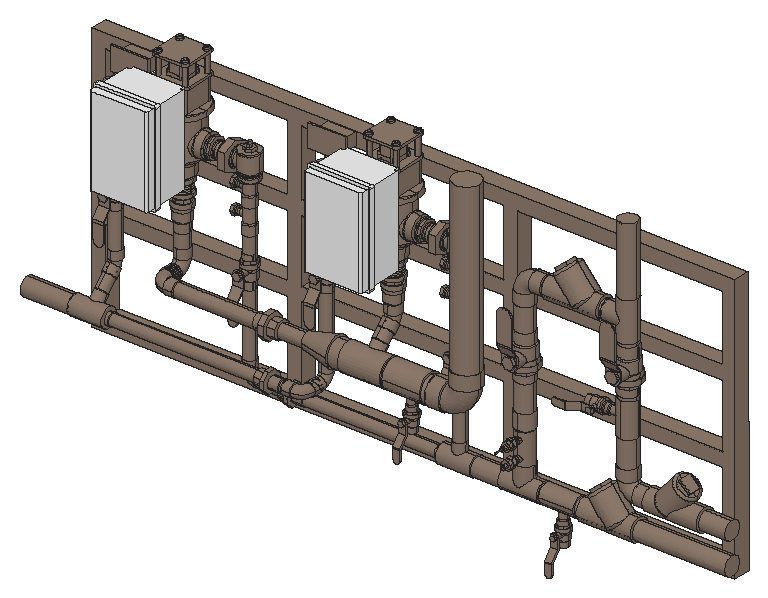
Revit family "Mixing_Valve-Leonard_Valve_Company-Megatron_NV_150_LF_2PS", category Pipe Accessories, Revit 2015
Parameters (values of type "Megatron NV-150-LF-2PS")
  Youtube clip = ""
  Weight Net (Kg) = "0"
  Uniformat II Description = ""
  Uniformat II Code = ""
  Uniclass 2015 Name = ""
  Uniclass 2015 Code = ""
  Uniclass 2.0 Description = ""
  Uniclass 2.0 Code = ""
  Uniclass 1.4 Description = ""
  Uniclass 1.4 Code = ""
  URL = "http://www.leonardvalve.com/"
  UNSPSC Code = "401416"
  Technical description = ""
  Valve Box Material = Steel-Leonard_Valve_Company-Baked_White
  Return Outlet Flow [instance] = 0.0 L/s
  Return Inlet Flow [instance] = 0.0 L/s
  Region South America = "None"
  Region Oceania = "None"
  Region North America = "US"
  Region Middle East = "None"
  Region Europe = "None"
  Region Asia = "None"
  Region Antarctica = "None"
  Region Africa = "None"
  QR code = "http://bimobject.com/leonardvalvecompany/product/megatron-nv-150-lf-2ps"
  Product url = "http://www.leonardvalvecompany.com/nucleus.html"
  Product group = "Digitally Controlled Mixing Valves"
  Product family = "Mixing Valves for Liquid Services"
  Product data url = "https://bimobject.com/leonardvalvecompany/product/megatron-nv-150-lf-2ps"
  Product certification = ""
  Product SKU = "megatron-nv-150-lf-2ps"
  Product Guid = "552e7d13-49fb-49d0-8ea5-9b76f52d7ea8"
  Pipe Radious 1.5 = 1.5625"
  Pipe Radious 1.0 = 1.0625"
  Pipe Radious .75 = 0.8125"
  Pipe Radious .625 = 0.6875"
  Pipe Radious .5 = 0.5625"
  OmniClass Description = "Mixing Valves"
  OmniClass Code = "23-27 31 29"
  Nominal width = 0.0000"
  Nominal height = 0.0000"
  NBS Reference Description = ""
  NBS Reference Code = ""
  Model = "Megatron NV-150-LF-2PS"
  Mixed Outlet Flow [instance] = 0.0 L/s
  Material secondary = ""
  Material main = ""
  Masterformat 2014 Description = ""
  Masterformat 2014 Code = ""
  Manufacturer name = "Leonard Valve Company"
  Manufacturer country = "United States"
  Manufacturer = "Leonard Valve Company"
  Installation instructions = ""
  IFC Classification = "Valve"
  Hot Water Inlet Flow [instance] = 0.0 L/s
  Edition number = 1
  EAN code = ""
  Design country = "United States"
  Description = "The Nucleus Digitally Controlled Mixing Valve from Leonard Valve Company serves as the central monitor & control of a Domestic Hot Water System. The Nucleus Digitally Controlled Mixing Valve capabilities include:\r\n\r\n+/- 2°F Mixed Water Temperature in accordance with ASSE 1017-2009.\r\n+/- 2°F Mixed Water Temperature during periods of low or no system demand\r\n0.5 GPM Minimum Flow with Continuously Operating Recirculation Pump\r\nAutomatic Shutoff of Valve upon Cold or Hot Supply Failure\r\nSystem Setup & Commissioning from Nucleus Control Module–no PC or Laptop Required\r\nLCD Display & Sensor Indicators – Set Point Temperature & Actual Temperature\r\nBMS Interface – Native Support for Six Different Protocols including BACnet & Modbus\r\nEthernet Connection for PC or LAN for Valve Programming or Interrogation\r\nWeb Server to remotely monitor & control Nucleus Mixing Valve\r\nData Logger – stores up to 30 days of temperatures, pressure & flows\r\nNucleus is UL Listed & Approved to E484833. Eco-Mix Certified Lead Free Construction\r\nThe Nucleus Digitally Controlled Mixing Valve from Leonard Valve Company serves as the central monitor & control of a Domestic Hot Water System. The Nucleus Digitally Controlled Mixing Valve capabilities include:\r\n\r\n+/- 2°F Mixed Water Temperature in accordance with ASSE 1017-2009.\r\n+/- 2°F Mixed Water Temperature during periods of low or no system demand\r\n0.5 GPM Minimum Flow with Continuously Operating Recirculation Pump\r\nAutomatic Shutoff of Valve upon Cold or Hot Supply Failure\r\nSystem Setup & Commissioning from Nucleus Control Module–no PC or Laptop Required\r\nLCD Display & Sensor Indicators – Set Point Temperature & Actual Temperature\r\nBMS Interface – Native Support for Six Different Protocols including BACnet & Modbus\r\nEthernet Connection for PC or LAN for Valve Programming or Interrogation\r\nWeb Server to remotely monitor & control Nucleus Mixing Valve\r\nData Logger – stores up to 30 days of temperatures, pressure & flows\r\nNucleus is UL Listed & Approved to E484833. Eco-Mix Certified Lead Free Construction\r\nThe Nucleus Digitally Controlled Mixing Valve from Leonard Valve Company serves as the central monitor & control of a Domestic Hot Water System. The Nucleus Digitally Controlled Mixing Valve capabilities include:\r\n\r\n+/- 2°F Mixed Water Temperature in accordance with ASSE 1017-2009.\r\n+/- 2°F Mixed Water Temperature during periods of low or no system demand\r\n0.5 GPM Minimum Flow with Continuously Operating Recirculation Pump\r\nAutomatic Shutoff of Valve upon Cold or Hot Supply Failure\r\nSystem Setup & Commissioning from Nucleus Control Module–no PC or Laptop Required\r\nLCD Display & Sensor Indicators – Set Point Temperature & Actual Temperature\r\nBMS Interface – Native Support for Six Different Protocols including BACnet & Modbus\r\nEthernet Connection for PC or LAN for Valve Programming or Interrogation\r\nWeb Server to remotely monitor & control Nucleus Mixing Valve\r\nData Logger – stores up to 30 days of temperatures, pressure & flows\r\nNucleus is UL Listed & Approved to E484833. Eco-Mix Certified Lead Free Construction"
  Date of publishing = ""
  Chilled Water Inlet Flow [instance] = 0.0 L/s
  COBIe Type Category = ""
  Pipe Material = Bronze-Leonard_Valve_Company
  Brand url = "http://www.leonardvalve.com/"
  BIMobject category = "Valves"
Reference planes (in)
  plane 1 "Center (Front/Back)": y = 0
  plane 2: z = 0
  plane 3 "Center (Left/Right)": x = -0.0813
  plane 4: x = -8.10156
  plane 5: z = 6.37498
  plane 6: x = 7.95904
  plane 7: z = 12.34676
  plane 8: x = 17.16739
  plane 9: x = 25.1687
  plane 10: x = 33.14464
  plane 11: x = 36.7937
  plane 12: x = 40.91739
  plane 13: x = 53.29239
  plane 14: z = 7.22554
  plane 15: z = 3.38189
  plane 16: z = 25.75
  plane 17: y = -8.58022
  plane 18: y = -4.99993
Forms (in)
  Sweep 1, solid, material "Bronze-Leonard_Valve_Company" <- "Pipe Material", detail levels fine
    path origin (0, -5, 40.20016) x (1, 0, 0) y (0, 0, 1)
      loop
        line (-8.10156, -28.61773) -> (-8.10156, -19.78958)
    profile "Fitting-Profile_R0.625 : Fitting-Profile_R0.625" origin (-8.10156, -5, 15.9965) x (-1, 0, 0) y (0, -1, 0)
      loop
        circle (0, 0) r 0.6875
  Sweep 2, solid, material "Bronze-Leonard_Valve_Company" <- "Pipe Material", detail levels fine
    path origin (0, -5, 26.80356) x (1, 0, 0) y (0, 0, 1)
      loop
        line (7.95904, -7.94403) -> (7.95904, -21.36667)
    profile "Fitting-Profile_R0.625 : Fitting-Profile_R0.625" origin (7.95904, -5, 12.14821) x (1, 0, 0) y (0, -1, 0)
      loop
        circle (0, 0) r 0.6875
  Sweep 3, solid, material "Bronze-Leonard_Valve_Company" <- "Pipe Material", detail levels fine
    path origin (0, -5, 26.80356) x (1, 0, 0) y (0, 0, 1)
      loop
        line (10.01404, -23.42167) -> (30.65633, -23.42167)
    profile "Fitting-Profile_R0.625 : Fitting-Profile_R0.625" origin (20.33519, -5, 3.38189) x (0, 0, 1) y (0, -1, 0)
      loop
        circle (0, 0) r 0.6875
  Revolve 4, solid, material "Bronze-Leonard_Valve_Company" <- "Pipe Material", detail levels fine
    sketch origin (0, -5, 26.80356) x (1, 0, 0) y (0, 0, 1)
      loop
        line (30.65633, -22.69421) -> (30.65633, -23.42167) -> (31.13589, -23.42167) -> (31.13589, -22.69421) -> (30.65633, -22.69421)
      axis (30.65633, -23.43136) -> (31.13589, -23.43136)
    angle from 0 to 360
  Sweep 5, solid, material "Bronze-Leonard_Valve_Company" <- "Pipe Material", detail levels fine
    path origin (0, -5, 26.80356) x (1, 0, 0) y (0, 0, 1)
      loop
        line (35.17614, -23.42167) -> (65.73274, -23.42167)
    profile "Fitting-Profile_R1.0 : Fitting-Profile_R1.0" origin (50.45444, -5, 3.38189) x (0, 0, 1) y (0, -1, 0)
      loop
        circle (0, 0) r 1.0625
  Sweep 6, solid, material "Bronze-Leonard_Valve_Company" <- "Pipe Material", detail levels fine
    path origin (0, -5, 26.80356) x (1, 0, 0) y (0, 0, 1)
      loop
        line (17.16739, -6.39298) -> (17.16739, -18.37356)
    profile "Fitting-Profile_R0.625 : Fitting-Profile_R0.625" origin (17.16739, -5, 14.42029) x (1, 0, 0) y (0, -1, 0)
      loop
        circle (0, 0) r 0.6875
  Sweep 7, solid, material "Bronze-Leonard_Valve_Company" <- "Pipe Material", detail levels fine
    path origin (-13.72436, -8.58022, 74.04765) x (-1, 0, 0) y (0, 0, 1)
      loop
        line (-28.83675, -67.67267) -> (-8.13685, -67.67267)
    profile "Fitting-Profile_R0.625 : Fitting-Profile_R0.625" origin (4.76244, -8.58022, 6.37498) x (0, 0, 1) y (0, 1, 0)
      loop
        circle (0, 0) r 0.6875
  Revolve 8, solid, material "Bronze-Leonard_Valve_Company" <- "Pipe Material", detail levels fine
    sketch origin (-13.72436, -8.58022, 74.04765) x (-1, 0, 0) y (0, 0, 1)
      loop
        line (-7.6543, -66.93886) -> (-8.13685, -66.93886) -> (-8.13685, -67.67267) -> (-7.6543, -67.67267) -> (-7.6543, -66.93886)
      axis (-7.6543, -67.67267) -> (-8.13685, -67.67267)
    angle from 0 to 360
  Sweep 9, solid, material "Bronze-Leonard_Valve_Company" <- "Pipe Material", detail levels fine
    path origin (-13.72436, -8.58022, 100.85123) x (-1, 0, 0) y (0, 0, 1)
      loop
        line (-50.51806, -64.56738) -> (-50.51806, -84.77897)
    profile "Fitting-Profile_R1.5 : Fitting-Profile_R1.5" origin (36.7937, -8.58022, 26.17806) x (-1, 0, 0) y (0, 1, 0)
      loop
        circle (0, 0) r 1.5625
  Sweep 10, solid, material "Bronze-Leonard_Valve_Company" <- "Pipe Material", detail levels fine
    path origin (-13.72436, -8.58022, 74.04765) x (-1, 0, 0) y (0, 0, 1)
      loop
        line (-46.79256, -61.70089) -> (-35.0212, -61.70089)
    profile "Fitting-Profile_R1.5 : Fitting-Profile_R1.5" origin (27.18252, -8.58022, 12.34676) x (0, 0, 1) y (0, 1, 0)
      loop
        circle (0, 0) r 1.5625
  Sweep 11, solid, material "Bronze-Leonard_Valve_Company" <- "Pipe Material", detail levels fine
    path origin (0, -5, 26.80356) x (1, 0, 0) y (0, 0, 1)
      loop
        line (33.14464, -7.94403) -> (33.14464, -21.36667)
    profile "Fitting-Profile_R0.625 : Fitting-Profile_R0.625" origin (33.14464, -5, 12.14821) x (1, 0, 0) y (0, -1, 0)
      loop
        circle (0, 0) r 0.6875
  Sweep 12, solid, material "Bronze-Leonard_Valve_Company" <- "Pipe Material", detail levels fine
    path origin (-13.72436, -8.58022, 74.04765) x (-1, 0, 0) y (0, 0, 1)
      loop
        line (-15.95306, -61.70089) -> (-31.51223, -61.70089)
    profile "Fitting-Profile_R0.75 : Fitting-Profile_R0.75" origin (10.00828, -8.58022, 12.34676) x (0, 0, -1) y (0, 1, 0)
      loop
        circle (0, 0) r 0.8125
  SweptBlend 13, solid, material "Bronze-Leonard_Valve_Company" <- "Pipe Material", detail levels fine
    path origin (-13.72436, -8.58022, 74.04765) x (-1, 0, 0) y (0, 0, 1)
      loop
        line (-31.51223, -61.70089) -> (-35.0212, -61.70089)
    profile origin (17.78786, -8.58022, 12.34676) x (0, 0, -1) y (0, 1, 0)
      loop
        circle (0.00124, 0) r 0.95
    end profile origin (21.29684, -8.58022, 12.34676) x (0, 0, -1) y (0, 1, 0)
      loop
        circle (0.00124, 0) r 1.75
  Sweep 14, solid, material "Bronze-Leonard_Valve_Company" <- "Pipe Material", detail levels fine
    path origin (0, -5, 26.80356) x (1, 0, 0) y (0, 0, 1)
      loop
        line (43.60485, -1.05356) -> (50.87004, -1.05356)
    profile "Fitting-Profile_R1.0 : Fitting-Profile_R1.0" origin (47.23745, -5, 25.75) x (0, 0, 1) y (0, -1, 0)
      loop
        circle (0, 0) r 1.0625
  Sweep 15, solid, material "Bronze-Leonard_Valve_Company" <- "Pipe Material", detail levels fine
    path origin (0, -5, 26.80356) x (1, 0, 0) y (0, 0, 1)
      loop
        line (53.29239, -3.36156) -> (53.29239, -16.90373)
    profile "Fitting-Profile_R1.0 : Fitting-Profile_R1.0" origin (53.29239, -5, 16.67091) x (1, 0, 0) y (0, -1, 0)
      loop
        circle (0, 0) r 1.0625
  Sweep 16, solid, material "Bronze-Leonard_Valve_Company" <- "Pipe Material", detail levels fine
    path origin (0, -5, 26.80356) x (1, 0, 0) y (0, 0, 1)
      loop
        line (62.48569, -19.57802) -> (65.73274, -19.57802)
    profile "Fitting-Profile_R1.0 : Fitting-Profile_R1.0" origin (64.10922, -5, 7.22554) x (0, 0, 1) y (0, -1, 0)
      loop
        circle (0, 0) r 1.0625
  Sweep 17, solid, material "Bronze-Leonard_Valve_Company" <- "Pipe Material", detail levels fine
    path origin (0, -5, 26.80356) x (1, 0, 0) y (0, 0, 1)
      loop
        line (53.29239, 9.48029) -> (53.29239, 1.1815)
    profile "Fitting-Profile_R1.0 : Fitting-Profile_R1.0" origin (53.29239, -5, 32.13445) x (1, 0, 0) y (0, -1, 0)
      loop
        circle (0, 0) r 1.0625
  Sweep 18, solid, material "Bronze-Leonard_Valve_Company" <- "Pipe Material", detail levels fine
    path origin (-13.72436, -8.58022, 74.04765) x (-1, 0, 0) y (0, 0, 1)
      loop
        line (2.07654, -67.67267) -> (-3.5913, -67.67267)
    profile "Fitting-Profile_R1.0 : Fitting-Profile_R1.0" origin (-12.96698, -8.58022, 6.37498) x (0, 0, -1) y (0, 1, 0)
      loop
        circle (0, 0) r 1.0625
  Sweep 19, solid, material "Bronze-Leonard_Valve_Company" <- "Pipe Material", detail levels fine
    path origin (0, -5, 26.80356) x (1, 0, 0) y (0, 0, 1)
      loop
        line (40.91739, -3.73787) -> (40.91739, -15.28267)
    profile "Fitting-Profile_R1.0 : Fitting-Profile_R1.0" origin (40.91739, -5, 17.29329) x (1, 0, 0) y (0, -1, 0)
      loop
        circle (0, 0) r 1.0625
  Sweep 20, solid, material "Bronze-Leonard_Valve_Company" <- "Pipe Material", detail levels fine
    path origin (0, -5, 26.80356) x (1, 0, 0) y (0, 0, 1)
      loop
        line (-0.0813, -12.14682) -> (-0.0813, -7.94403)
    profile "Fitting-Profile_R0.75 : Fitting-Profile_R0.75" origin (-0.0813, -5, 16.75813) x (-1, 0, 0) y (0, -1, 0)
      loop
        circle (0, 0) r 0.8125
  Sweep 21, solid, material "Bronze-Leonard_Valve_Company" <- "Pipe Material", detail levels fine
    path origin (-8.10156, -5, 25.35058) x (0, -1, 0) y (0, 0, 1)
      loop
        line (0.93575, -16.24828) -> (2.16394, -17.47648)
    profile "Fitting-Profile_R0.625 : Fitting-Profile_R0.625" origin (-8.10156, -6.54984, 8.4882) x (0, -0.707107, 0.707107) y (-1, 0, 0)
      loop
        circle (0, 0) r 0.6875
  Sweep 22, solid, material "Bronze-Leonard_Valve_Company" <- "Pipe Material", detail levels fine
    path origin (25.1687, -51.5982, 49.0271) x (0, 0, 1) y (0, -1, 0)
      loop
        line (-34.05999, -45.45177) -> (-34.92147, -44.59029)
    profile "Fitting-Profile_R0.75 : Fitting-Profile_R0.75" origin (25.1687, -6.57717, 14.53637) x (0, 0.707107, -0.707107) y (1, 0, 0)
      loop
        circle (0, 0) r 0.8125
  Extrusion 23, solid, material "Bronze-Leonard_Valve_Company" <- "Pipe Material", detail levels fine
    sketch origin (-78.74016, 0, 74.04765) x (-1, 0, 0) y (0, 0, 1)
      loop
        line (-65.40755, -42.04767) -> (-142.40755, -42.04767) -> (-142.40755, -74.04767) -> (-65.40755, -74.04767) -> (-65.40755, -42.04767)
      loop
        line (-67.03255, -43.67295) -> (-88.90755, -43.67295) -> (-88.90755, -51.67295) -> (-67.03255, -51.67295) -> (-67.03255, -43.67295)
      loop
        line (-67.03528, -53.29767) -> (-88.90755, -53.29767) -> (-88.90755, -60.92267) -> (-67.03528, -60.92267) -> (-67.03528, -53.29767)
      loop
        line (-67.03255, -62.54767) -> (-88.90755, -62.54767) -> (-88.90755, -72.42267) -> (-67.03255, -72.42267) -> (-67.03255, -62.54767)
      loop
        line (-90.53255, -43.67295) -> (-114.78255, -43.67295) -> (-114.78255, -51.67295) -> (-90.53255, -51.67295) -> (-90.53255, -43.67295)
      loop
        line (-90.53255, -53.30069) -> (-114.78255, -53.30069) -> (-114.78255, -60.92267) -> (-90.53255, -60.92267) -> (-90.53255, -53.30069)
      loop
        line (-116.40755, -43.67295) -> (-140.90755, -43.67295) -> (-140.90755, -51.67295) -> (-116.40755, -51.67295) -> (-116.40755, -43.67295)
      loop
        line (-116.40755, -53.30069) -> (-140.90755, -53.30069) -> (-140.90755, -60.92267) -> (-116.40755, -60.92267) -> (-116.40755, -53.30069)
      loop
        line (-116.40755, -62.54767) -> (-140.90755, -62.54767) -> (-140.90755, -72.41994) -> (-116.40755, -72.41994) -> (-116.40755, -62.54767)
      loop
        line (-90.53255, -62.54767) -> (-114.78255, -62.54767) -> (-114.78255, -72.41994) -> (-90.53255, -72.41994) -> (-90.53255, -62.54767)
    from 0 to -2
  Revolve 24, solid, material "Bronze-Leonard_Valve_Company" <- "Pipe Material", detail levels fine
    sketch origin (0, -5, -0.00002) x (1, 0, 0) y (0, 0, 1)
      loop
        line (25.1687, 19.74633) -> (23.9946, 19.74633) -> (23.9946, 19.25934) -> (24.09466, 19.25934) -> (24.09466, 18.83906) -> (24.19473, 18.83906) -> (24.19473, 17.69831) -> (24.33482, 17.55822) -> (25.1687, 17.55822) -> (25.1687, 19.74633)
      axis (25.1687, 17.55822) -> (25.1687, 19.74633)
    angle from 0 to 360
  Sweep 25, solid, material "Bronze-Leonard_Valve_Company" <- "Pipe Material", detail levels fine
    path origin (0, -5, -0.00002) x (1, 0, 0) y (0, 0, 1)
      loop
        line (25.1687, 20.1425) -> (25.1687, 19.74633)
    profile origin (25.1687, -5, 19.94439) x (0, -1, 0) y (1, 0, 0)
      loop
        line (0, -1.00331) -> (0.70945, -0.70945) -> (1.00331, 0) -> (0.70945, 0.70945) -> (0, 1.00331) -> (-0.70945, 0.70945) -> (-1.00331, 0) -> (-0.70945, -0.70945) -> (0, -1.00331)
  Revolve 26, solid, material "Bronze-Leonard_Valve_Company" <- "Pipe Material", detail levels fine
    sketch origin (0, -5, -0.00002) x (1, 0, 0) y (0, 0, 1)
      loop
        line (-0.0813, 19.6129) -> (-1.24466, 19.6129) -> (-1.24466, 19.12592) -> (-1.14459, 19.12592) -> (-1.14459, 18.70564) -> (-1.0512, 18.70564) -> (-1.0512, 17.56489) -> (-0.91778, 17.43147) -> (-0.91778, 16.37744) -> (-0.0813, 16.37744) -> (-0.0813, 19.6129)
      axis (-0.0813, 16.37744) -> (-0.0813, 19.6129)
    angle from 0 to 360
  Sweep 27, solid, material "Bronze-Leonard_Valve_Company" <- "Pipe Material", detail levels fine
    path origin (0, -5, -0.00002) x (1, 0, 0) y (0, 0, 1)
      loop
        line (-0.0813, 20.02651) -> (-0.0813, 19.6129)
    profile origin (-0.0813, -5, 19.81969) x (0, -1, 0) y (1, 0, 0)
      loop
        line (0, -0.96323) -> (0.68111, -0.68111) -> (0.96323, 0) -> (0.68111, 0.68111) -> (0, 0.96323) -> (-0.68111, 0.68111) -> (-0.96323, 0) -> (-0.68111, -0.68111) -> (0, -0.96323)
  Sweep 28, solid, material "Bronze-Leonard_Valve_Company" <- "Pipe Material", detail levels fine
    path origin (-13.72436, -8.58022, 47.24407) x (-1, 0, 0) y (0, 0, 1)
      loop
        line (-28.40351, -34.89731) -> (-27.30946, -34.89731)
    profile origin (14.13213, -8.58022, 12.34676) x (0, 0, 1) y (0, 1, 0)
      loop
        line (-1, -0.41421) -> (-0.41421, -1) -> (0.41421, -1) -> (1, -0.41421) -> (1, 0.41421) -> (0.41421, 1) -> (-0.41421, 1) -> (-1, 0.41421) -> (-1, -0.41421)
  Sweep 29, solid, material "Bronze-Leonard_Valve_Company" <- "Pipe Material", detail levels fine
    path origin (-13.72436, -8.58022, 47.24407) x (-1, 0, 0) y (0, 0, 1)
      loop
        line (-26.58899, -34.89733) -> (-27.30946, -34.89733)
    profile origin (13.22486, -8.58022, 12.34674) x (0, 0, -1) y (0, 1, 0)
      loop
        line (-1.38086, -0.57197) -> (-0.57197, -1.38086) -> (0.57197, -1.38086) -> (1.38086, -0.57197) -> (1.38086, 0.57197) -> (0.57197, 1.38086) -> (-0.57197, 1.38086) -> (-1.38086, 0.57197) -> (-1.38086, -0.57197)
  Revolve 30, solid, material "Bronze-Leonard_Valve_Company" <- "Pipe Material", detail levels fine
    sketch origin (-13.72436, -8.58022, 47.24407) x (-1, 0, 0) y (0, 0, 1)
      loop
        line (-25.58166, -34.0301) -> (-26.58899, -34.0301) -> (-26.58899, -34.89733) -> (-25.58166, -34.89733) -> (-25.58166, -34.0301)
      axis (-26.58899, -34.89733) -> (-25.58166, -34.89733)
    angle from 0 to 360
  Revolve 31, solid, material "Bronze-Leonard_Valve_Company" <- "Pipe Material", detail levels fine
    sketch origin (-13.72436, -8.58022, 47.24407) x (-1, 0, 0) y (0, 0, 1)
      loop
        line (-27.20272, -40.13194) -> (-28.48357, -40.13194) -> (-28.48357, -40.86909) -> (-27.20272, -40.86909) -> (-27.20272, -40.13194)
      axis (-27.20272, -40.86909) -> (-28.48357, -40.86909)
    angle from 0 to 360
  Sweep 32, solid, material "Bronze-Leonard_Valve_Company" <- "Pipe Material", detail levels fine
    path origin (-13.72436, -8.58022, 47.24407) x (-1, 0, 0) y (0, 0, 1)
      loop
        line (-26.70239, -40.86909) -> (-27.20272, -40.86909)
    profile origin (13.2282, -8.58022, 6.37498) x (0, 0, -1) y (0, 1, 0)
      loop
        line (-0.49324, 1.19078) -> (-1.19078, 0.49324) -> (-1.19078, -0.49324) -> (-0.49324, -1.19078) -> (0.49324, -1.19078) -> (1.19078, -0.49324) -> (1.19078, 0.49324) -> (0.49324, 1.19078) -> (-0.49324, 1.19078)
  Sweep 33, solid, material "Bronze-Leonard_Valve_Company" <- "Pipe Material", detail levels fine
    path origin (-13.72436, -8.58022, 47.24407) x (-1, 0, 0) y (0, 0, 1)
      loop
        line (-25.72842, -40.86909) -> (-26.70239, -40.86909)
    profile origin (12.49105, -8.58022, 6.37498) x (0, 0, -1) y (0, 1, 0)
      loop
        line (0.875, 0.36244) -> (0.36244, 0.875) -> (-0.36244, 0.875) -> (-0.875, 0.36244) -> (-0.875, -0.36244) -> (-0.36244, -0.875) -> (0.36244, -0.875) -> (0.875, -0.36244) -> (0.875, 0.36244)
  Revolve 34, solid, material "Bronze-Leonard_Valve_Company" <- "Pipe Material", detail levels fine
    sketch origin (0, -5, -0.00002) x (1, 0, 0) y (0, 0, 1)
      loop
        line (13.47836, 4.10937) -> (13.47836, 3.38191) -> (14.75921, 3.38191) -> (14.75921, 4.10937) -> (13.47836, 4.10937)
      axis (14.75921, 3.375) -> (13.47836, 3.375)
    angle from 0 to 360
  Sweep 35, solid, material "Bronze-Leonard_Valve_Company" <- "Pipe Material", detail levels fine
    path origin (0, -5, -0.00002) x (1, 0, 0) y (0, 0, 1)
      loop
        line (12.97803, 3.38191) -> (13.47836, 3.38191)
    profile origin (13.2282, -5, 3.38189) x (0, 0, 1) y (0, -1, 0)
      loop
        line (1.19078, 0.49439) -> (0.49161, 1.19356) -> (-0.49717, 1.19356) -> (-1.19635, 0.49439) -> (-1.19635, -0.49439) -> (-0.49717, -1.19356) -> (0.49161, -1.19356) -> (1.19078, -0.49439) -> (1.19078, 0.49439)
  Sweep 36, solid, material "Bronze-Leonard_Valve_Company" <- "Pipe Material", detail levels fine
    path origin (0, -5, -0.00002) x (1, 0, 0) y (0, 0, 1)
      loop
        line (12.00406, 3.38191) -> (12.97803, 3.38191)
    profile origin (12.49105, -5, 3.38189) x (0, 0, 1) y (0, -1, 0)
      loop
        line (0.36081, -0.87778) -> (0.875, -0.36359) -> (0.875, 0.36359) -> (0.36081, 0.87778) -> (-0.36637, 0.87778) -> (-0.88056, 0.36359) -> (-0.88056, -0.36359) -> (-0.36637, -0.87778) -> (0.36081, -0.87778)
  Extrusion 37, solid, material "Bronze-Leonard_Valve_Company" <- "Pipe Material", detail levels fine
    sketch origin (-78.74016, -4.12891, 47.24407) x (-1, 0, 0) y (0, 0, 1)
      loop
        line (-69.4969, -14.59595) -> (-73.99987, -14.59595) -> (-73.99987, -17.35109) -> (-69.4969, -17.35109) -> (-69.4969, -14.59595)
    from 0 to -0.19922
  Extrusion 38, solid, material "Bronze-Leonard_Valve_Company" <- "Pipe Material", detail levels fine
    sketch origin (-55.07792, -4.12891, 47.24407) x (-1, 0, 0) y (0, 0, 1)
      loop
        line (-69.4969, -14.59595) -> (-73.99987, -14.59595) -> (-73.99987, -17.35109) -> (-69.4969, -17.35109) -> (-69.4969, -14.59595)
    from 0 to -0.19922
  Extrusion 39, solid, material "Bronze-Leonard_Valve_Company" <- "Pipe Material", detail levels fine
    sketch origin (-78.74016, -4.12891, 47.24407) x (-1, 0, 0) y (0, 0, 1)
      loop
        line (-70.1219, -15.22095) -> (-73.37487, -15.22095) -> (-73.37487, -16.72609) -> (-70.1219, -16.72609) -> (-70.1219, -15.22095)
    from 0 to 2.12891
  Extrusion 40, solid, material "Bronze-Leonard_Valve_Company" <- "Pipe Material", detail levels fine
    sketch origin (-55.07792, -4.12891, 47.24407) x (-1, 0, 0) y (0, 0, 1)
      loop
        line (-70.1219, -15.22095) -> (-73.37487, -15.22095) -> (-73.37487, -16.72609) -> (-70.1219, -16.72609) -> (-70.1219, -15.22095)
    from 0 to 2.12891
Lines and regions (in)
  Masking region 1, detail levels coarse+medium
    outline origin (0, 6.61122, 0) x (1, 0, 0) y (0, 1, 0)
      loop
        circle (-0.0813, -11.61115) r 2.99993
  Masking region 2, detail levels coarse+medium
    outline origin (25.25218, 6.61129, 0) x (1, 0, 0) y (0, 1, 0)
      loop
        circle (0.01677, -11.61129) r 3.00007
  model lines, detail levels coarse+medium
    curve 1: line (44.58617, -5, -1.92072) -> (46.4794, -5, -1.92072)
    curve 2: line (46.4794, -5, -1.92072) -> (45.53279, -5, -0.0509)
    curve 3: line (44.58617, -5, -1.92072) -> (45.53279, -5, -0.0509)
    curve 4: line (45.53279, -5, -0.0509) -> (43.78279, -5, -0.0509)
    curve 5: line (-9.02923, -5, 19.77152) -> (-7.136, -5, 19.77152)
    curve 6: line (-7.136, -5, 19.77152) -> (-8.08261, -5, 17.90171)
    curve 7: line (-9.02923, -5, 19.77152) -> (-8.08261, -5, 17.90171)
    curve 8: line (-9.02923, -5, 16.03189) -> (-7.136, -5, 16.03189)
    curve 9: line (-7.136, -5, 16.03189) -> (-8.08261, -5, 17.90171)
    curve 10: line (-9.02923, -5, 16.03189) -> (-8.08261, -5, 17.90171)
    curve 11: line (-8.08261, -5, 17.90171) -> (-9.83261, -5, 17.90171)
    curve 12: line (-8.10156, -5, 16.03189) -> (-8.10156, -5, 11.5876)
    curve 13: line (-9.83261, -5, 17.15171) -> (-9.83261, -5, 18.65171)
    curve 14: line (-8.10156, -5, 20.41056) -> (-8.10156, -5, 19.77152)
    curve 15: line (44.58617, -5, 1.81892) -> (46.4794, -5, 1.81892)
    curve 16: line (46.4794, -5, 1.81892) -> (45.53279, -5, -0.0509)
    curve 17: line (44.58617, -5, 1.81892) -> (45.53279, -5, -0.0509)
    curve 18: line (43.78279, -5, -0.8009) -> (43.78279, -5, 0.6991)
    curve 19: line (45.53279, -5, 1.81892) -> (45.53279, -5, 3.3722)
    curve 20: line (2.2287, -8.58022, 12.34676) -> (1.1387, -8.58022, 12.34676)
    curve 21: line (15.11239, -8.58022, 6.37498) -> (16.15239, -8.58022, 6.37498)
    curve 22: line (17.16739, -6.015, 6.37498) -> (17.16739, -7.56522, 6.37498)
    curve 23: arc (16.15239, -8.58022, 6.37498) -> (16.8701, -8.28293, 6.37498) -> (17.16739, -7.56522, 6.37498) r 1.015
    curve 24: line (17.16739, -5, 8.43) -> (17.16739, -5, 7.39)
    curve 25: arc (17.16739, -5, 7.39) -> (17.16739, -5.29729, 6.67229) -> (17.16739, -6.015, 6.375) r 1.015
    curve 26: line (17.16739, -6.79011, 5.64) -> (17.16739, -6.79011, 7.11)
    curve 27: line (17.16739, -4.265, 8.43) -> (17.16739, -5.735, 8.43)
    curve 28: line (15.11239, -8.58022, 7.12647) -> (15.11239, -8.58022, 5.62647)
    curve 29: line (17.91739, -6.79011, 6.37498) -> (16.41739, -6.79011, 6.37498)
    curve 30: line (40.91739, -3.86831, 11.52091) -> (40.91739, -6.13154, 11.52091)
    curve 31: line (40.91739, -4.99993, 11.52091) -> (40.91739, -4.99993, 5.85385)
    curve 32: line (40.91739, -4.99993, 5.85385) -> (40.91739, -3.99993, 5.85385)
    curve 33: line (40.91739, -4.99993, 5.85385) -> (40.91739, -5.99993, 5.85385)
    curve 34: line (40.91739, -4.99993, 6.67149) -> (40.91739, -6.26533, 6.67149)
    curve 35: line (40.91739, -6.26533, 7.04452) -> (40.91739, -6.26533, 6.30346)
    curve 36: line (40.91739, -6.26533, 9.04738) -> (40.91739, -6.26533, 8.30632)
    curve 37: line (40.91739, -4.99993, 8.67243) -> (40.91739, -6.26533, 8.67243)
    curve 38: line (-8.10156, -5, 26.21037) -> (-8.10156, -5, 28.0473)
    curve 39: line (-8.10156, -5, 28.0473) -> (-3.73963, -5, 28.0473)
    curve 40: line (-3.73963, -5, 34.62922) -> (3.73963, -5, 34.62922)
    curve 41: line (-3.73963, -5, 23.28622) -> (-3.73963, -5, 34.62922)
    curve 42: line (3.73963, -5, 23.28622) -> (-3.73963, -5, 23.28622)
    curve 43: line (3.73963, -5, 34.62922) -> (3.73963, -5, 23.28622)
    curve 44: line (3.73963, -5, 26.49645) -> (7.95904, -5, 26.49645)
    curve 45: line (7.95904, -5, 26.49645) -> (7.95904, -5, 24.65952)
    curve 46: line (-0.0813, -5, 23.28622) -> (-0.0813, -5, 14.65674)
    curve 47: line (-8.10156, -5.93576, 9.10231) -> (-8.10156, -7.12252, 7.83786)
    curve 48: line (-15.8009, -8.58022, 6.37498) -> (-10.05177, -8.58022, 6.37498)
    curve 49: line (-6.05449, -8.58022, 6.37498) -> (15.11239, -8.58022, 6.37498)
    curve 50: line (17.16739, -5, 8.3855) -> (17.16739, -5, 16.10353)
    curve 51: line (7.95904, -5, 18.85952) -> (7.95904, -5, 16.80277)
    curve 52: line (2.2287, -8.58022, 12.34674) -> (22.6472, -8.58022, 12.34674)
    curve 53: line (10.01404, -5, 3.38189) -> (31.12331, -5, 3.38189)
    curve 54: line (35.17614, -5, 3.3722) -> (38.60842, -5, 3.3722)
    curve 55: line (43.22442, -5, 3.38189) -> (48.0746, -5, 3.38189)
    curve 56: line (54.5786, -5, 3.37498) -> (65.73211, -5, 3.37498)
    curve 57: line (62.48569, -5, 7.22554) -> (65.73274, -5, 7.22554)
    curve 58: line (25.1687, -6.08719, 14.90787) -> (25.1687, -6.91463, 14.01235)
    curve 59: line (27.6902, -8.58022, 12.34676) -> (33.0682, -8.58022, 12.34676)
    curve 60: line (36.7937, -8.58022, 36.28385) -> (36.7937, -8.58022, 16.07224)
    curve 61: line (33.16739, -5, 13.06118) -> (33.16739, -5, 5.4337)
    curve 62: line (40.91739, -5, 15.60625) -> (40.91739, -5, 11.52089)
    curve 63: line (43.60485, -5, 25.74998) -> (43.94507, -5, 25.74998)
    curve 64: line (50.44907, -5, 25.74998) -> (50.80754, -5, 25.74998)
    curve 65: line (53.29239, -5, 36.28385) -> (53.29239, -5, 28.06998)
    curve 66: line (53.29239, -5, 18.43814) -> (53.29239, -5, 9.89983)
    curve 67: line (17.16739, -5, 26.21037) -> (17.16739, -5, 28.0473)
    curve 68: line (17.16739, -5, 28.0473) -> (21.52932, -5, 28.0473)
    curve 69: line (21.52932, -5, 34.62922) -> (29.00858, -5, 34.62922)
    curve 70: line (21.52932, -5, 23.28622) -> (21.52932, -5, 34.62922)
    curve 71: line (29.00858, -5, 23.28622) -> (21.52932, -5, 23.28622)
    curve 72: line (29.00858, -5, 34.62922) -> (29.00858, -5, 23.28622)
    curve 73: line (29.00858, -5, 26.49645) -> (33.14464, -5, 26.49645)
    curve 74: line (33.14464, -5, 26.49645) -> (33.14464, -5, 24.65952)
    curve 75: line (25.1687, -5, 23.28622) -> (25.1687, -5, 17.5582)
    curve 76: line (7.01243, -5, 16.80277) -> (8.90566, -5, 16.80277)
    curve 77: line (8.90566, -5, 16.80277) -> (7.95904, -5, 14.93296)
    curve 78: line (7.01243, -5, 16.80277) -> (7.95904, -5, 14.93296)
    curve 79: line (7.01243, -5, 13.06314) -> (8.90566, -5, 13.06314)
    curve 80: line (8.90566, -5, 13.06314) -> (7.95904, -5, 14.93296)
    curve 81: line (7.01243, -5, 13.06314) -> (7.95904, -5, 14.93296)
    curve 82: line (7.95904, -5, 14.93296) -> (6.20904, -5, 14.93296)
    curve 83: line (6.20904, -5, 14.18296) -> (6.20904, -5, 15.68296)
    curve 84: line (7.95904, -5, 13.06314) -> (7.95904, -5, 5.43689)
    curve 85: line (16.23118, -5, 19.84316) -> (18.12441, -5, 19.84316)
    curve 86: line (18.12441, -5, 19.84316) -> (17.17779, -5, 17.97335)
    curve 87: line (16.23118, -5, 19.84316) -> (17.17779, -5, 17.97335)
    curve 88: line (16.23118, -5, 16.10353) -> (18.12441, -5, 16.10353)
    curve 89: line (18.12441, -5, 16.10353) -> (17.17779, -5, 17.97335)
    curve 90: line (16.23118, -5, 16.10353) -> (17.17779, -5, 17.97335)
    curve 91: line (17.17779, -5, 17.97335) -> (15.42779, -5, 17.97335)
    curve 92: line (15.42779, -5, 17.22335) -> (15.42779, -5, 18.72335)
    curve 93: line (17.16739, -5, 19.84316) -> (17.16739, -5, 20.41056)
    curve 94: line (32.22077, -5, 16.80081) -> (34.114, -5, 16.80081)
    curve 95: line (34.114, -5, 16.80081) -> (33.16739, -5, 14.93099)
    curve 96: line (32.22077, -5, 16.80081) -> (33.16739, -5, 14.93099)
    curve 97: line (32.22077, -5, 13.06118) -> (34.114, -5, 13.06118)
    curve 98: line (34.114, -5, 13.06118) -> (33.16739, -5, 14.93099)
    curve 99: line (32.22077, -5, 13.06118) -> (33.16739, -5, 14.93099)
    curve 100: line (33.16739, -5, 14.93099) -> (31.41739, -5, 14.93099)
    curve 101: line (31.41739, -5, 14.18099) -> (31.41739, -5, 15.68099)
    curve 102: line (33.16739, -5, 16.80081) -> (33.16739, -5, 18.86409)
    curve 103: line (39.98912, -5, 19.34588) -> (41.88235, -5, 19.34588)
    curve 104: line (41.88235, -5, 19.34588) -> (40.93573, -5, 17.47607)
    curve 105: line (39.98912, -5, 19.34588) -> (40.93573, -5, 17.47607)
    curve 106: line (39.98912, -5, 15.60625) -> (41.88235, -5, 15.60625)
    curve 107: line (41.88235, -5, 15.60625) -> (40.93573, -5, 17.47607)
    curve 108: line (39.98912, -5, 15.60625) -> (40.93573, -5, 17.47607)
    curve 109: line (40.93573, -5, 17.47607) -> (39.18573, -5, 17.47607)
    curve 110: line (39.18573, -5, 16.72607) -> (39.18573, -5, 18.22607)
    curve 111: line (40.91555, -5, 23.06568) -> (40.91555, -5, 19.34588)
    curve 112: line (52.34256, -5, 22.17777) -> (54.23579, -5, 22.17777)
    curve 113: line (54.23579, -5, 22.17777) -> (53.28917, -5, 20.30796)
    curve 114: line (52.34256, -5, 22.17777) -> (53.28917, -5, 20.30796)
    curve 115: line (52.34256, -5, 18.43814) -> (54.23579, -5, 18.43814)
    curve 116: line (54.23579, -5, 18.43814) -> (53.28917, -5, 20.30796)
    curve 117: line (52.34256, -5, 18.43814) -> (53.28917, -5, 20.30796)
    curve 118: line (53.28917, -5, 20.30796) -> (51.53917, -5, 20.30796)
    curve 119: line (51.53917, -5, 19.55796) -> (51.53917, -5, 21.05796)
    curve 120: line (53.28917, -5, 22.17777) -> (53.28917, -5, 23.44477)
    curve 121: line (29.27818, -8.58022, 10.39731) -> (31.17141, -8.58022, 10.39731)
    curve 122: line (31.17141, -8.58022, 10.39731) -> (30.22479, -8.58022, 8.52749)
    curve 123: line (29.27818, -8.58022, 10.39731) -> (30.22479, -8.58022, 8.52749)
    curve 124: line (29.27818, -8.58022, 6.65767) -> (31.17141, -8.58022, 6.65767)
    curve 125: line (31.17141, -8.58022, 6.65767) -> (30.22479, -8.58022, 8.52749)
    curve 126: line (29.27818, -8.58022, 6.65767) -> (30.22479, -8.58022, 8.52749)
    curve 127: line (30.22479, -8.58022, 8.52749) -> (28.47479, -8.58022, 8.52749)
    curve 128: line (28.47479, -8.58022, 7.77749) -> (28.47479, -8.58022, 9.27749)
    curve 129: line (30.22479, -8.58022, 10.39731) -> (30.22479, -8.58022, 12.34676)
    curve 130: line (27.99458, -8.58022, 14.06924) -> (27.99458, -8.58022, 10.7804)
    curve 131: line (32.46419, -8.58022, 14.06924) -> (32.46419, -8.58022, 10.7804)
    curve 132: line (51.81411, -5, 16.10594) -> (51.81384, -5, 14.21271)
    curve 133: line (51.81384, -5, 14.21271) -> (49.94416, -5, 15.15959)
    curve 134: line (51.81411, -5, 16.10594) -> (49.94416, -5, 15.15959)
    curve 135: line (48.07448, -5, 16.10647) -> (48.0742, -5, 14.21324)
    curve 136: line (48.0742, -5, 14.21324) -> (49.94416, -5, 15.15959)
    curve 137: line (48.07448, -5, 16.10647) -> (49.94416, -5, 15.15959)
    curve 138: line (49.94466, -5, 15.1597) -> (49.94441, -5, 13.4097)
    curve 139: line (50.69441, -5, 13.40959) -> (49.19441, -5, 13.40981)
    curve 140: line (51.81397, -5, 15.15932) -> (53.29239, -5, 15.15932)
    curve 141: line (52.22386, -5, 17.21797) -> (54.47867, -5, 17.21797)
    curve 142: line (52.22386, -5, 13.16197) -> (54.47867, -5, 13.16197)
    curve 143: line (43.49811, -5, 4.50294) -> (43.49811, -5, 2.24812)
    curve 144: line (-0.0813, -5, 14.65674) -> (-0.0813, -5, 13.56674)
    curve 145: line (-0.0813, -6.16, 12.34674) -> (-0.0813, -7.25, 12.34674)
    curve 146: arc (1.1387, -8.58022, 12.34674) -> (0.28666, -8.13709, 12.34674) -> (-0.0813, -7.25, 12.34674) r 1.40419
    curve 147: arc (-0.0813, -6.16, 12.34674) -> (-0.0813, -5.3324, 12.72131) -> (-0.0813, -5, 13.56674) r 1.20767
    curve 148: line (-0.0813, -6.705, 11.59674) -> (-0.0813, -6.705, 13.09674)
    curve 149: line (-0.0813, -4.25, 14.65674) -> (-0.0813, -5.75, 14.65674)
    curve 150: line (2.2287, -8.58022, 13.09674) -> (2.2287, -8.58022, 11.59674)
    curve 173: line (-8.10156, -5.93576, 9.79103) -> (-8.10156, -5.93576, 8.43)
    curve 174: line (25.1687, -6.08719, 15.52414) -> (25.1687, -6.08719, 14.12103)
  symbolic lines, detail levels coarse+medium
    curve 151: line (-3.08122, -4.99993, 0) -> (-8.10156, -4.99993, 0)
    curve 152: line (-8.10156, -4.99993, 0) -> (-8.10156, -8.58022, 0)
    curve 153: line (-15.8009, -8.58022, 0) -> (36.7937, -8.58022, 0)
    curve 154: line (-10.13306, -7.7428, 0) -> (-10.13306, -9.41763, 0)
    curve 155: line (-6.07006, -7.7428, 0) -> (-6.07006, -9.41763, 0)
    curve 156: arc (0.1672, -7.98754, 0) -> (0.59022, -8.38671, 0) -> (1.1387, -8.58022, 0) r 1.40419
    curve 157: line (2.2287, -7.7428, 0) -> (2.2287, -9.41763, 0)
    curve 158: line (17.78786, -7.7428, 0) -> (17.78786, -9.41763, 0)
    curve 159: line (21.29684, -7.7428, 0) -> (21.29684, -9.41763, 0)
    curve 160: line (32.46419, -7.7428, 0) -> (32.46419, -9.41763, 0)
    curve 161: line (27.99458, -7.7428, 0) -> (27.99458, -9.41763, 0)
    curve 162: line (25.1687, -7.9984, 0) -> (25.1687, -8.58022, 0)
    curve 163: line (22.6472, -7.7428, 0) -> (22.6472, -9.41763, 0)
    curve 164: line (27.6902, -7.7428, 0) -> (27.6902, -9.41763, 0)
    curve 165: line (-8.83756, -7.12252, 0) -> (-7.36556, -7.12252, 0)
    curve 166: line (65.73274, -5, 0) -> (28.26902, -5, 0)
    curve 167: line (22.26888, -5, 0) -> (2.91863, -5, 0)
    curve 168: line (17.16739, -5, 0) -> (17.16739, -8.58022, 0)
    curve 169: line (16.43239, -7.055, 0) -> (17.90239, -7.055, 0)
    curve 170: line (16.43239, -6.52522, 0) -> (17.90239, -6.52522, 0)
    curve 171: line (43.94507, -3.99993, 0) -> (43.94507, -6.015, 0)
    curve 172: line (50.44907, -3.99993, 0) -> (50.44907, -5.99993, 0)
Dimensions and locks (in)
  plane 17 to plane 18 to plane 1 "Center (Front/Back)" = 3.58029" locked, 4.99993" locked
  plane 4 to plane 3 "Center (Left/Right)" to plane 6 to plane 8 to plane 9 to plane 10 to plane 11 to plane 12 to plane 13 = 8.02027" locked, 8.04034" locked, 9.20835" locked, 8.00131" locked, 7.97593" locked, 3.64907" locked, 4.12369" locked, 12.3750" locked
  plane 16 to plane 7 to plane 14 to plane 5 to plane 15 to plane 2 = 13.40324" locked, 5.12122" locked, 0.85056" locked, 2.99309" locked, 3.38189" locked
  diameter of SweptBlend 13 sketch curve = 1.9000"
  aligned and locked: level to plane 2
  aligned and locked: nested 26 to nested 25
  aligned and locked: nested 30 to Sweep 21 sketch curve
  aligned and locked: nested 28 to Sweep 21 sketch curve
  aligned and locked: nested 31 to Sweep 22 sketch curve
  aligned and locked: nested 29 to Sweep 22 sketch curve
  aligned and locked: nested 19 to Sweep 9 sketch curve
  aligned and locked: nested 22 to Sweep 15 sketch curve
  aligned and locked: nested 7 to Sweep 3 sketch curve
  aligned and locked: plane 3 "Center (Left/Right)" to nested 1
  aligned and locked: plane 3 "Center (Left/Right)" to nested 38
  aligned and locked: plane 4 to nested 2
  aligned and locked: plane 4 to nested 4
  aligned and locked: nested 40 to plane 4
  aligned and locked: plane 4 to nested 30
  aligned and locked: plane 4 to curve 47
  aligned and locked: nested 28 to plane 4
  aligned and locked: nested 18 to plane 5
  aligned and locked: nested 17 to plane 8
  aligned and locked: plane 8 to nested 16
  aligned and locked: nested 13 to plane 8
  aligned and locked: nested 12 to plane 8
  aligned and locked: plane 9 to nested 11
  aligned and locked: plane 9 to nested 39
  aligned and locked: nested 31 to plane 9
  aligned and locked: plane 9 to nested 29
  aligned and locked: plane 7 to nested 21
  aligned and locked: nested 20 to plane 3 "Center (Left/Right)"
  aligned and locked: plane 7 to nested 20
  aligned and locked: plane 6 to nested 3
  aligned and locked: plane 6 to nested 5
  aligned and locked: plane 6 to nested 6
  aligned and locked: plane 6 to nested 7
  aligned and locked: plane 15 to nested 7
  aligned and locked: plane 15 to nested 8
  aligned and locked: plane 10 to nested 8
  aligned and locked: plane 10 to nested 34
  aligned and locked: plane 10 to nested 14
  aligned and locked: plane 10 to nested 15
  aligned and locked: curve 59 to plane 7
  aligned and locked: plane 12 to nested 10
  aligned and locked: nested 19 to plane 11
  aligned and locked: plane 7 to nested 19
  aligned and locked: plane 15 to nested 10
  aligned and locked: nested 27 to plane 12
  aligned and locked: nested 32 to plane 12
  aligned and locked: plane 12 to nested 24
  aligned and locked: nested 24 to plane 16
  aligned and locked: plane 16 to nested 23
  aligned and locked: nested 22 to plane 16
  aligned and locked: nested 22 to plane 13
  aligned and locked: nested 33 to plane 13
  aligned and locked: curve 66 to plane 13
  aligned and locked: plane 13 to nested 25
  aligned and locked: plane 14 to nested 25
  aligned and locked: plane 14 to nested 26
  aligned and locked: plane 15 to nested 9
  aligned and locked: curve 55 to plane 15
  aligned and locked: Sweep 1 sketch curve to plane 4
  aligned and locked: nested 4 to Sweep 1 sketch curve
  aligned and locked: nested 30 to Sweep 1 sketch curve
  aligned and locked: nested 28 to Sweep 18 sketch curve
  aligned and locked: nested 28 to Revolve 8 sketch curve
  aligned and locked: Revolve 8 sketch curve to plane 5
  aligned and locked: Revolve 8 to Sweep 7 sketch curve
  aligned and locked: plane 5 to Sweep 7 sketch curve
  aligned and locked: curve 28 to Sweep 7 sketch curve
  aligned and locked: Sweep 33 sketch curve to plane 5
  aligned and locked: Sweep 32 sketch curve to plane 5
  aligned and locked: plane 5 to Revolve 31 sketch curve
  aligned and locked: nested 17 to Sweep 6 sketch curve
  aligned and locked: Sweep 6 sketch curve to plane 8
  aligned and locked: nested 13 to Sweep 6 sketch curve
  aligned and locked: SweptBlend 13 sketch curve to plane 7
  aligned and locked: plane 7 to Sweep 10 sketch curve
  aligned and locked: Sweep 9 sketch curve to plane 11
  aligned and locked: Sweep 2 sketch curve to plane 6
  aligned and locked: Sweep 3 sketch curve to plane 15
  aligned and locked: Sweep 11 sketch curve to plane 10
  aligned and locked: Sweep 5 sketch curve to plane 15
  aligned and locked: Sweep 16 sketch curve to plane 14
  aligned and locked: Sweep 15 sketch curve to plane 13
  aligned and locked: Sweep 17 sketch curve to plane 13
  aligned and locked: Sweep 14 sketch curve to plane 16
  aligned and locked: plane 18 to nested 26
  aligned and locked: nested 23 to plane 18
  aligned and locked: plane 18 to nested 37
  aligned and locked: plane 18 to nested 36
  aligned and locked: nested 9 to plane 18
  aligned and locked: nested 22 to plane 18
  aligned and locked: plane 18 to nested 33
  aligned and locked: nested 25 to plane 18
  aligned and locked: plane 18 to nested 32
  aligned and locked: curve 30 to plane 12
  aligned and locked: nested 27 to plane 18
  aligned and locked: plane 18 to nested 24
  aligned and locked: plane 18 to nested 10
  aligned and locked: Sweep 19 sketch curve to plane 12
  aligned and locked: nested 19 to plane 17
  aligned and locked: plane 18 to nested 8
  aligned and locked: plane 18 to nested 14
  aligned and locked: plane 18 to nested 15
  aligned and locked: plane 18 to nested 34
  aligned and locked: plane 15 to Revolve 4 sketch curve
  aligned and locked: plane 9 to Revolve 24 sketch curve
  aligned and locked: Sweep 25 sketch curve to plane 9
  aligned and locked: plane 18 to nested 31
  aligned and locked: plane 17 to nested 11
  aligned and locked: plane 17 to nested 35
  aligned and locked: nested 12 to plane 18
  aligned and locked: curve 27 to plane 8
  aligned and locked: nested 13 to plane 18
  aligned and locked: plane 18 to nested 16
  aligned and locked: curve 22 to plane 8
  aligned and locked: plane 17 to nested 18
  aligned and locked: Sweep 12 sketch curve to plane 7
  aligned and locked: plane 17 to nested 21
  aligned and locked: nested 21 to plane 3 "Center (Left/Right)"
  aligned and locked: plane 15 to Revolve 34 sketch curve
  aligned and locked: Sweep 35 sketch curve to plane 15
  aligned and locked: Sweep 36 sketch curve to plane 15
  aligned and locked: Revolve 31 sketch curve to plane 5
  aligned and locked: plane 7 to Sweep 28 sketch curve
  aligned and locked: plane 5 to Sweep 32 sketch curve
  aligned and locked: plane 18 to nested 7
  aligned and locked: plane 18 to nested 3
  aligned and locked: curve 149 to plane 3 "Center (Left/Right)"
  aligned and locked: plane 18 to nested 20
  aligned and locked: plane 3 "Center (Left/Right)" to Revolve 26 sketch curve
  aligned and locked: Sweep 27 sketch curve to plane 3 "Center (Left/Right)"
  aligned and locked: plane 3 "Center (Left/Right)" to Sweep 20 sketch curve
  aligned and locked: plane 5 to Revolve 8 sketch curve
  aligned and locked: plane 4 to curve 151
  aligned and locked: curve 151 to plane 18
  aligned and locked: plane 4 to curve 152
  aligned and locked: plane 17 to curve 153
Nested families (in)
  nested 1: "Box_NV-150-LF" at (-0.0813, -11.61122, 23.28625), type "Box_NV-150-LF", detail levels fine
  nested 2: "Fitting-Tee_NV-150-LF-IF-R100_Upper" at (-8.10156, -5, 25.35058) x (-1, 0, 0) z (0, 0, 1), type "Fitting-Tee_NV-150-LF-IF-R100_Upper"
  nested 3: "Fitting-Tee_NV-150-LF-IF-R100_Upper" at (7.95904, -4.99993, 23.79954), type "Fitting-Tee_NV-150-LF-IF-R100_Upper"
  nested 4: "Fitting-Tee_NV-150-LF-IF-R100_Bottom" at (-8.10156, -5, 22.33058) x (-1, 0, 0) z (0, 0, 1), type "Fitting-Tee_NV-150-LF-IF-R100_Bottom"
  nested 5: "Fitting-Tee_NV-150-LF-IF-R100_Bottom" at (7.95904, -5, 20.77954), type "Fitting-Tee_NV-150-LF-IF-R100_Bottom"
  nested 6: "Valve-Ball_Leonard-Valve-Company_R0.625" at (7.95904, -5, 15.0469), type "Valve-Ball_Leonard-Valve-Company_R0.625", detail levels fine
  nested 7: "Fitting-Elbow_Leonard-Valve-Company" at (8.61904, -4.99993, 4.04189), type "Fitting-Elbow_Leonard-Valve-Company_1.25"
  nested 8: "Fitting-Tee_Leonard-Valve-Company" at (33.14464, -4.99993, 3.38189), type "Fitting-Tee_Leonard-Valve-Company_1.25_03"
  nested 9: "Valve-Check_Leonard-Valve-Company" at (51.3266, -4.99993, 3.38189) x (-1, 0, 0) z (0, 0, 1), type "Valve-Check_Leonard-Valve-Company_2.0"
  nested 10: "Fitting-Tee_Leonard-Valve-Company" at (40.91739, -4.99993, 3.38189), type "Fitting-Tee_Leonard-Valve-Company_2.0_02"
  nested 11: "Box_NV-150-LF" at (25.1687, -11.15752, 23.28625), type "Box_NV-150-LF", detail levels fine
  nested 12: "Fitting-Tee_NV-150-LF-IF-R100_Upper" at (17.16739, -4.99993, 25.35058) x (-1, 0, 0) z (0, 0, 1), type "Fitting-Tee_NV-150-LF-IF-R100_Upper"
  nested 13: "Fitting-Tee_NV-150-LF-IF-R100_Bottom" at (17.16739, -4.99993, 22.33058) x (-1, 0, 0) z (0, 0, 1), type "Fitting-Tee_NV-150-LF-IF-R100_Bottom"
  nested 14: "Fitting-Tee_NV-150-LF-IF-R100_Upper" at (33.14464, -4.99993, 23.79954), type "Fitting-Tee_NV-150-LF-IF-R100_Upper"
  nested 15: "Fitting-Tee_NV-150-LF-IF-R100_Bottom" at (33.14464, -4.99993, 20.77954), type "Fitting-Tee_NV-150-LF-IF-R100_Bottom"
  nested 16: "Valve-Ball_Leonard-Valve-Company_R0.625" at (17.16739, -4.99993, 17.99551), type "Valve-Ball_Leonard-Valve-Company_R0.625", detail levels fine
  nested 17: "Fitting-Elbow_Leonard-Valve-Company" at (17.16739, -5.66, 7.035) x (0, -1, 0) z (0, 0, 1), type "Fitting-Elbow_Leonard-Valve-Company_1.25", detail levels fine
  nested 18: "Fitting-Elbow_Leonard-Valve-Company" at (16.50739, -7.92022, 6.37498) x (-1, 0, 0) z (0, 1, 0), type "Fitting-Elbow_Leonard-Valve-Company_1.25", detail levels fine
  nested 19: "Fitting-Elbow_Leonard-Valve-Company" at (35.7532, -8.58022, 13.38726) x (-1, 0, 0) z (0, 0, 1), type "Fitting-Elbow_Leonard-Valve-Company_3.0"
  nested 20: "Fitting-Elbow_Leonard-Valve-Company" at (-0.0813, -5.71993, 13.06676) x (0, -1, 0) z (0, 0, 1), type "Fitting-Elbow_Leonard-Valve-Company_1.5", detail levels fine
  nested 21: "Fitting-Elbow_Leonard-Valve-Company" at (0.6387, -7.86022, 12.34676) x (1, 0, 0) z (0, 1, 0), type "Fitting-Elbow_Leonard-Valve-Company_1.5", detail levels fine
  nested 22: "Fitting-Tee_Leonard-Valve-Company" at (53.29239, -4.99993, 25.75) x (0, 0, -1) z (-1, 0, 0), type "Fitting-Tee_Leonard-Valve-Company_2.0_02"
  nested 23: "Valve-Check_Leonard-Valve-Company" at (47.19707, -4.99993, 25.75) x (-1, 0, 0) z (0, 0, 1), type "Valve-Check_Leonard-Valve-Company_2.0"
  nested 24: "Fitting-Elbow_Leonard-Valve-Company" at (41.69614, -4.99993, 24.97376) x (0, 0, -1) z (1, 0, 0), type "Fitting-Elbow_Leonard-Valve-Company_2.0"
  nested 25: "Fitting-Elbow_Leonard-Valve-Company" at (54.07114, -4.99993, 8.00178) x (0, 0, 1) z (1, 0, 0), type "Fitting-Elbow_Leonard-Valve-Company_2.0"
  nested 26: "Valve-Check_Leonard-Valve-Company" at (59.23369, -4.99993, 7.22554), type "Valve-Check_Leonard-Valve-Company_2.0"
  nested 27: "Fitting-Tee_NV-200-LF" at (40.91739, -4.99993, 8.67243) x (0, 1, 0) z (0, 0, -1), type "Fitting-Tee_NV-200-LF", detail levels fine
  nested 28: "Fitting-Tee_Leonard-Valve-Company" at (-8.10156, -8.58022, 6.37498) x (1, 0, 0) z (0, 0.7071, 0.7071), type "Fitting-Tee_Leonard-Valve-Company_1.25_03"
  nested 29: "Fitting-Tee_Leonard-Valve-Company" at (25.1687, -8.58022, 12.34676) x (1, 0, 0) z (0, 0.7071, 0.7071), type "Fitting-Tee_Leonard-Valve-Company_3.0"
  nested 30: "Fitting-Elbow_Leonard-Valve-Company_Angle45" at (-8.10156, -5.64343, 10.18742) x (0, -1, 0) z (0, 0, 1), type "Fitting-Elbow_Leonard-Valve-Company_1.25"
  nested 31: "Fitting-Elbow_Leonard-Valve-Company_Angle45" at (25.1687, -5.52493, 16.14755) x (0, -1, 0) z (0, 0, 1), type "Fitting-Elbow_Leonard-Valve-Company_1.5"
  nested 32: "Valve-Ball_Leonard-Valve-Company_R2" at (40.91739, -4.99993, 17.04764) x (-1, 0, 0) z (0, 0, -1), type "Valve-Ball_Leonard-Valve-Company_R2", detail levels fine
  nested 33: "Valve-Ball_Leonard-Valve-Company_R2" at (53.29239, -4.99993, 19.89618) x (-1, 0, 0) z (0, 0, -1), type "Valve-Ball_Leonard-Valve-Company_R2", detail levels fine
  nested 34: "Valve-Ball_Leonard-Valve-Company_R0.625" at (33.14464, -4.99993, 15.0469), type "Valve-Ball_Leonard-Valve-Company_R0.625", detail levels fine
  nested 35: "Valve-Ball_Leonard-Valve-Company_R0.65_Tee_03" at (30.22938, -8.58022, 8.00953), type "Valve-Ball_Leonard-Valve-Company_R0.65_Tee_03", detail levels fine
  nested 36: "Valve-Ball_Leonard-Valve-Company_R0.65_Tee_04" at (45.53279, -4.99993, -0.45328), type "Valve-Ball_Leonard-Valve-Company_R0.65_Tee_04", detail levels fine
  nested 37: "Valve-Ball_Leonard-Valve-Company_R0.65_Tee_04" at (49.46101, -4.99993, 15.18999) x (0, 0, -1) z (1, 0, 0), type "Valve-Ball_Leonard-Valve-Company_R0.65_Tee_04", detail levels fine
  nested 38: "Mixing-Valve-Nucleus_NV-150-LF" at (-0.0813, -5, 27.05375), type "NV-150-RF-IF-RTS", detail levels fine
  nested 39: "Mixing-Valve-Nucleus_NV-150-LF" at (25.1687, -5, 27.05375), type "NV-150-RF-IF-RTS", detail levels fine
  nested 40: "Valve-Ball_Leonard-Valve-Company_R0.625" at (-8.10156, -5, 17.96305), type "Valve-Ball_Leonard-Valve-Company_R0.625", detail levels fine
Connectors (in)
  piping at (65.73274, -5, 3.38189), diameter 2, driven by "Chilled Water Inlet Flow"
    settings: on Sweep 5, index 9, connector inside diameter 609.6 mm, connector length 0.0000", flow factor 0, pipe flow 0.0 L/s, pressure drop 0.0 Pa, fitting loss kfactor 0, connector angle 0.00°, fixture units 0, engagement length 0.0000", angle of deflection 0.00°, flow configuration 0, flow direction 1, fitting loss method 0, system type 20, joint type 0, gender type 0, connector reference index -1, connector utility 0, adjustable connector no, is connector primary yes, connector description "Chilled Water Inlet"
  piping at (-15.8009, -8.58022, 6.37498), diameter 2, driven by "Hot Water Inlet Flow"
    settings: on Sweep 18, index 10, connector inside diameter 609.6 mm, connector length 0.0000", flow factor 0, pipe flow 0.0 L/s, pressure drop 0.0 Pa, fitting loss kfactor 0, connector angle 0.00°, fixture units 0, engagement length 0.0000", angle of deflection 0.00°, flow configuration 0, flow direction 1, fitting loss method 0, system type 19, joint type 0, gender type 0, connector reference index -1, connector utility 0, adjustable connector no, is connector primary no, connector description "Hot Water Inlet"
  piping at (36.7937, -8.58022, 36.28385), diameter 3, driven by "Mixed Outlet Flow"
    settings: on Sweep 9, index 11, connector inside diameter 609.6 mm, connector length 0.0000", flow factor 0, pipe flow 0.0 L/s, pressure drop 0.0 Pa, fitting loss kfactor 0, connector angle 0.00°, fixture units 0, engagement length 0.0000", angle of deflection 0.00°, flow configuration 0, flow direction 2, fitting loss method 0, system type 7, joint type 0, gender type 0, connector reference index -1, connector utility 0, adjustable connector no, is connector primary no, connector description "Mixed Outlet"
  piping at (53.29239, -5, 36.28385), diameter 2, driven by "Return Inlet Flow"
    settings: on Sweep 17, index 12, connector inside diameter 609.6 mm, connector length 0.0000", flow factor 0, pipe flow 0.0 L/s, pressure drop 0.0 Pa, fitting loss kfactor 0, connector angle 0.00°, fixture units 0, engagement length 0.0000", angle of deflection 0.00°, flow configuration 0, flow direction 1, fitting loss method 0, system type 8, joint type 0, gender type 0, connector reference index -1, connector utility 0, adjustable connector no, is connector primary no, connector description "Return Inlet"
  piping at (65.73274, -5, 7.22554), diameter 2, driven by "Return Outlet Flow"
    settings: on Sweep 16, index 13, connector inside diameter 609.6 mm, connector length 0.0000", flow factor 0, pipe flow 0.0 L/s, pressure drop 0.0 Pa, fitting loss kfactor 0, connector angle 0.00°, fixture units 0, engagement length 0.0000", angle of deflection 0.00°, flow configuration 0, flow direction 2, fitting loss method 0, system type 8, joint type 0, gender type 0, connector reference index -1, connector utility 0, adjustable connector no, is connector primary no, connector description "Return Outlet"
Definition of nested family "Box_NV-150-LF"
  Parameters (values of type "Box_NV-150-LF")
    Material = none
    Default Elevation = 48.0000"
  Reference planes (in)
    plane 1 "Center (Front/Back)": y = 0
    plane 2: z = 0
    plane 3 "Center (Left/Right)": x = 0
    plane 4: x = -3.739
    plane 5: x = 3.739
    plane 6: y = 2.5773
    plane 7: y = -3.031
    plane 8: y = 3.031
    plane 9: y = -1.41131
    plane 10: y = -1.72541
    plane 11: y = -2.03453
    plane 12: z = 11.343
  Forms (in)
    Extrusion 1, solid, material <- "Material"
      sketch origin (0, 0, 0) x (1, 0, 0) y (0, 1, 0)
        loop
          line (-3.42988, 2.5773) -> (-3.42988, -2.78239)
          arc (-3.42988, -2.78239) -> (-3.35707, -2.95818) -> (-3.18127, -3.031) r 0.24861
          line (-3.18127, -3.031) -> (3.17692, -3.031)
          arc (3.17692, -3.031) -> (3.35271, -2.95818) -> (3.42553, -2.78239) r 0.24861
          line (3.42553, -2.78239) -> (3.42553, 2.5773) -> (2.98653, 2.5773) -> (2.98653, 3.031) -> (-2.99114, 3.031) -> (-2.99114, 2.5773) -> (-3.42988, 2.5773)
      from 0.30912 to 11.02849
    Sweep 2, solid, material <- "Material"
      path origin (0, 0, 0) x (1, 0, 0) y (0, 1, 0)
        loop
          line (-3.739, -2.03453) -> (-3.739, -1.41131)
      profile origin (-3.739, -1.72292, 0) x (-1, 0, 0) y (0, 0, 1)
        loop
          arc (0.00063, 11.0933) -> (-0.07238, 11.26958) -> (-0.24866, 11.34259) r 0.24929
          line (-0.24866, 11.34259) -> (-7.22871, 11.34259)
          arc (-7.22871, 11.34259) -> (-7.40499, 11.26958) -> (-7.478, 11.0933) r 0.24929
          line (-7.478, 11.0933) -> (-7.478, 0.24929)
          arc (-7.478, 0.24929) -> (-7.41044, 0.07844) -> (-7.2443, 0) r 0.24981
          line (-7.2443, 0) -> (-0.21937, 0)
          arc (-0.21937, 0) -> (-0.06223, 0.08304) -> (0.00063, 0.24929) r 0.25124
          line (0.00063, 0.24929) -> (0.00063, 11.0933)
        loop
          line (-0.30912, 11.02849) -> (-7.16888, 11.02849) -> (-7.16888, 0.30912) -> (-0.30912, 0.30912) -> (-0.30912, 11.02849)
  Dimensions and locks (in)
    equal spacing: plane 4, plane 3 "Center (Left/Right)", plane 5
    equal spacing: plane 7, plane 1 "Center (Front/Back)", plane 8
    locked: plane 12 to plane 2 at 11.343
    aligned and locked: plane 2 to level
    aligned and locked: plane 9 to Sweep 2 sketch curve
    aligned and locked: plane 11 to Sweep 2 sketch curve
    aligned and locked: Sweep 2 sketch curve to plane 4
  Automatic sketch dimensions
    plane 6 to Extrusion 1 sketch curve = 0.0000"  (x2)
    plane 8 to Extrusion 1 sketch curve = 0.0000"
    plane 7 to Extrusion 1 sketch curve = 0.0000"
    Extrusion 1 sketch curve to plane 4 = 0.30912"
    Extrusion 1 sketch curve to Extrusion 1 sketch curve = 0.24861"
    Extrusion 1 sketch curve to Extrusion 1 sketch curve = 0.43875"
    plane 5 to Extrusion 1 sketch curve = 0.75247"
    Extrusion 1 sketch curve to plane 7 = 0.24861"
    plane 5 to Extrusion 1 sketch curve = 0.56208"
    Sweep 2 sketch curve to level = 0.0000"
    level to Sweep 2 sketch curve = 0.24929"
    profile plane to Sweep 2 sketch curve = 7.4780"
    Sweep 2 sketch curve to Sweep 2 sketch curve = 0.2337"
    profile plane to Sweep 2 sketch curve = 0.24866"
    profile plane to Sweep 2 sketch curve = 0.21937"
    Sweep 2 sketch curve to profile plane = 0.00063"
    Sweep 2 sketch curve to Sweep 2 sketch curve = 10.84402"
    Sweep 2 sketch curve to Sweep 2 sketch curve = 0.0000"
    Sweep 2 sketch curve to Sweep 2 sketch curve = 0.06046"
    Sweep 2 sketch curve to Sweep 2 sketch curve = 0.06481"
    Sweep 2 sketch curve to Sweep 2 sketch curve = 0.05983"  (x3)
